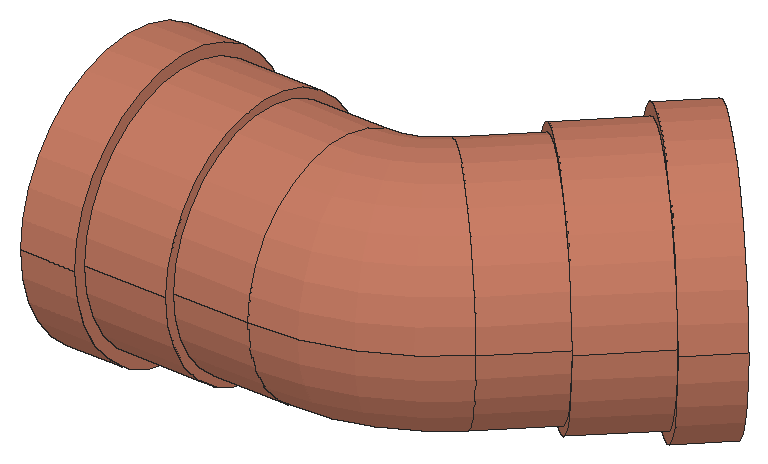
Revit family "Elbow-FxF-B-PressXL-Water-Gas-Conex-65-100mm", category Pipe Fittings, Revit 2019
Family settings
  Round Connector Dimension = Use Diameter
  Part Type = Elbow
  OmniClass Number = 23.60.30.11.14
  OmniClass Title = Pipework Fittings
  Work Plane-Based = No
  Always vertical = Yes
  Cut with Voids When Loaded = No
  Shared = No
Parameters (values of type "Water")
  Z [instance] = size_lookup(Lookup Table Name, "Z", NominalDiameter, NominalDiameter, Angle)  # 57 mm
  WorkingFluidSelector = 2
  WorkingFluid [instance] = if(WorkingFluidSelector = 1, "Gas", if(WorkingFluidSelector = 2, "Water", "WorkingFluid NA"))  # "Water"
  Uniformat IIElements = "TBC"
  URL = "http://www.conexbanninger.com.au/products/b-press-fittings#t=b-press-xl"
  Type Comments = "TBC"
  TickSize [instance] = NominalDiameter  # 100 mm
  SerialNumber [instance] = ""
  SealRingLength [instance] = SocketDepth * 0.4  # 24.4 mm
  SealRingDiameter [instance] = NominalDiameter * 1.2  # 120 mm
  ProductCode [instance] = if(and(NominalDiameter = 65 mm, WorkingFluidSelector = 1, Angle = 90.00°), "404870", if(and(NominalDiameter = 80 mm, WorkingFluidSelector = 1, Angle = 90.00°), "404871", if(and(NominalDiameter = 100 mm, WorkingFluidSelector = 1, Angle = 90.00°), "404872", if(and(NominalDiameter = 65 mm, WorkingFluidSelector = 2, Angle = 90.00°), "404796", if(and(NominalDiameter = 80 mm, WorkingFluidSelector = 2, Angle = 90.00°), "404797", if(and(NominalDiameter = 100 mm, WorkingFluidSelector = 2, Angle = 90.00°), "404798", if(and(NominalDiameter = 65 mm, WorkingFluidSelector = 1, Angle = 45.00°), "404914", if(and(NominalDiameter = 80 mm, WorkingFluidSelector = 1, Angle = 45.00°), "404915", if(and(NominalDiameter = 100 mm, WorkingFluidSelector = 1, Angle = 45.00°), "404916", if(and(NominalDiameter = 65 mm, WorkingFluidSelector = 2, Angle = 45.00°), "404838", if(and(NominalDiameter = 80 mm, WorkingFluidSelector = 2, Angle = 45.00°), "404839", if(and(NominalDiameter = 100 mm, WorkingFluidSelector = 2, Angle = 45.00°), "404840", "ProductCode NA"))))))))))))  # "404840"
  OmniclassProducts = "TBC"
  NominalRadius [instance] = NominalDiameter / 2  # 50 mm
  NominalDiameter [instance] = 100 mm
  NATSPECWorkSection = "TBC"
  ModifiedIssue_ANZRS = 20161221.54  # constant formula
  Model Version = "2015"
  Model Status [instance] = ""
  Model Specification = "BMA"
  Model = "Elbow - FxF 45° & 90°"  # constant formula
  Material = Copper
  Mark [instance] = ""
  Manufacturer = "Conex | Bänninger"  # constant formula
  Loss Method = K Coefficient from Table
  Lookup Table Name = "Elbow-FxF-B-PressXL-Water-Gas-Conex-65-100mm"
  SocketDepth [instance] = L - Z  # 61 mm
  L [instance] = size_lookup(Lookup Table Name, "L", 1.5 * NominalDiameter, NominalDiameter, Angle)  # 118 mm
  K Coefficient Table = "Regular 45, 90 and 180 Elbow"
  built-in parameter 1114238 [instance] = not(0 mm < size_lookup(Lookup Table Name, "L", 0 mm, NominalDiameter, Angle))  # (empty or 0)
  FittingOutsideRadius [instance] = FittingOutsideDiameter / 2  # 55 mm
  FittingOutsideDiameter [instance] = NominalDiameter * 1.1  # 110 mm
  FittingAngle [instance] = Angle  # 45.00°
  FinalHHWFlow [instance] = 0.0 L/s
  ElbowDiameter [instance] = NominalDiameter * 1.025  # 102.5 mm
  Description = ">B< Press XL has only two internal parts, the grip ring and the seal. Both parts have an internal diameter larger than the tube, which allows for easy tube insertion and pre press leak indication."  # constant formula
  CustomFitting [instance] = not(0 mm < size_lookup(Lookup Table Name, "L", 0 mm, NominalDiameter, Angle))  # no
  CreatedByURL_ANZRS = "http://www.bimmepaus.com.au/"
  CreatedBy = "A2K Technologies"  # constant formula
  ConnectorTolerance = 2.00°
  ConnectorAngle [instance] = 45.00°
  CenterRadius [instance] = Z  # 57 mm
  CenterEnd [instance] = CenterRadius * tan(FittingAngle / 2)  # 23.61 mm
  Assembly Code = "D2090800"
  Angle [instance] = if(and(ConnectorAngle < 45.00° + ConnectorTolerance, ConnectorAngle > 45.00° - ConnectorTolerance), 45.00°, if(and(ConnectorAngle < 90.00° + ConnectorTolerance, ConnectorAngle > 90.00° - ConnectorTolerance), 90.00°, if(and(ConnectorAngle < 5.00° + ConnectorTolerance, ConnectorAngle > 5.00° - ConnectorTolerance), 5.00°, if(and(ConnectorAngle < 15.00° + ConnectorTolerance, ConnectorAngle > 15.00° - ConnectorTolerance), 15.00°, if(and(ConnectorAngle < 30.00° + ConnectorTolerance, ConnectorAngle > 30.00° - ConnectorTolerance), 30.00°, if(and(ConnectorAngle < 60.00° + ConnectorTolerance, ConnectorAngle > 60.00° - ConnectorTolerance), 60.00°, ConnectorAngle))))))  # 45.00°
  2DLineLength [instance] = L - SocketDepth  # 57 mm
Types (2, lengths in mm): name | WorkingFluidSelector | WorkingFluid | ProductCode
  Gas | 1 | "Gas" | "404916"
  Water | 2 | "Water" | "404840"
Reference planes
  plane 1 "Center (Front/Back)": y = 0
  plane 2: z = 0
  plane 3 "Center (Left/Right)": x = 0
  plane 4: x = -118
  plane 5: x = -57
Forms (mm)
  Sweep 1, solid, material "Copper" <- "Material", detail levels fine
    path origin (0, 0, 0) x (1, 0, 0) y (0, 1, 0)
      loop
        line (83.439, 83.439) -> (40.305, 40.305)
    profile origin (61.872, 61.872, 0) x (0.707107, -0.707107, 0) y (0, 0, 1)
      loop
        circle (0, 0) r 55
  Extrusion 2, solid, material "Copper" <- "Material", detail levels fine
    sketch origin (0, 0, 0) x (0, 1, 0) y (0, 0, 1)
      loop
        circle (0, 0) r 55
    from -118 to -57
  Sweep 3, solid, material "Copper" <- "Material", detail levels fine
    path origin (0, 0, 0) x (1, 0, 0) y (0, 1, 0)
      loop
        line (83.439, 83.439) -> (16.695, 16.695)
        arc (16.695, 16.695) -> (-1.797, 4.339) -> (-23.61, 0) r 57
        line (-23.61, 0) -> (-118, 0)
    profile origin (-1.797, 4.339, 0) x (0.382683, -0.92388, 0) y (0, 0, 1)
      loop
        circle (0, 0) r 51.25
  Sweep 4, solid, material "Copper" <- "Material", detail levels fine
    path origin (0, 0, 0) x (1, 0, 0) y (0, 1, 0)
      loop
        line (66.185, 66.185) -> (83.439, 83.439)
    profile origin (74.812, 74.812, 0) x (-0.707107, 0.707107, 0) y (0, 0, 1)
      loop
        circle (0, 0) r 60
  Sweep 5, solid, material "Copper" <- "Material", detail levels fine
    path origin (0, 0, 0) x (1, 0, 0) y (0, 1, 0)
      loop
        line (-118, 0) -> (-93.6, 0)
    profile origin (-105.8, 0, 0) x (0, 1, 0) y (0, 0, 1)
      loop
        circle (0, 0) r 60
Cuts and joins
  joined: Sweep 1, Extrusion 2, Sweep 3, Sweep 4, Sweep 5
Lines and regions (mm)
  model lines, detail levels coarse+medium
    curve 1: line (-57, 0, 0) -> (0, 0, 0)
    curve 2: line (-118, 50, 0) -> (-57, 50, 0)
    curve 3: line (-118, -50, 0) -> (-57, -50, 0)
    curve 4: line (-57, 50, 0) -> (-57, -50, 0)
    curve 5: line (0, 0, 0) -> (40.305, 40.305, 0)
    curve 6: line (4.95, 75.66, 0) -> (75.66, 4.95, 0)
    curve 7: line (75.66, 4.95, 0) -> (118.794, 48.083, 0)
    curve 8: line (4.95, 75.66, 0) -> (48.083, 118.794, 0)
Dimensions and locks
  "L": plane 4 to plane 3 "Center (Left/Right)"
  locked: profile plane to Sweep 1 sketch curve at 0
  locked: profile plane to Sweep 1 sketch curve
  locked: plane 1 "Center (Front/Back)" to Extrusion 2 sketch curve
  locked: plane 2 to Extrusion 2 sketch curve
  "SocketDepth": plane 4 to plane 5
  equal spacing: curve 3, plane 1 "Center (Front/Back)", curve 2
  "TickSize": curve 3 to curve 2
  "SocketDepth": Sweep 1 sketch curve to Sweep 1 sketch curve
  "CenterEnd": Sweep 3 sketch curve to plane 3 "Center (Left/Right)"
  "CenterRadius": plane 1 "Center (Front/Back)" to Sweep 3 sketch curve
  locked: plane 3 "Center (Left/Right)" to Sweep 3 sketch curve at 0
  plane 3 "Center (Left/Right)" to Sweep 3 sketch curve = 118 mm
  "L": curve 1 to Sweep 3 sketch curve
  locked: plane 3 "Center (Left/Right)" to Sweep 1 sketch curve
  "L": plane 3 "Center (Left/Right)" to Sweep 1 sketch curve
  "2DLineLength": curve 1 to curve 6
  locked: curve 1 to curve 5
  equal spacing: curve 7, curve 5, curve 8
  "SocketDepth": curve 8 to curve 8
  "SocketDepth": curve 7 to curve 7
  "TickSize": curve 7 to curve 8
  locked: Sweep 4 sketch curve to curve 1 at 0
  "L": curve 5 to Sweep 4 sketch curve
  "SealRingLength": Sweep 4 sketch curve to Sweep 4 sketch curve
  "SealRingLength": plane 4 to Sweep 5 sketch curve
  "FittingOutsideRadius": radius of Sweep 1 sketch curve
  "FittingOutsideRadius": radius of Extrusion 2 sketch curve
  "CenterRadius": radius of Sweep 3 sketch curve
  "ElbowDiameter": diameter of Sweep 3 sketch curve
  "SealRingDiameter": diameter of Sweep 4 sketch curve
  "SealRingDiameter": diameter of Sweep 5 sketch curve
  "ConnectorAngle": angle plane 1 "Center (Front/Back)" to Sweep 1 sketch curve
  "ConnectorAngle": angle Sweep 3 sketch curve to Sweep 3 sketch curve
  "ConnectorAngle": angle plane 1 "Center (Front/Back)" to Sweep 3 sketch curve
  "ConnectorAngle": angle plane 1 "Center (Front/Back)" to curve 5
  locked: curve 5 to curve 6 (angle 90.00°)
  "ConnectorAngle": angle plane 1 "Center (Front/Back)" to curve 7
  "ConnectorAngle": angle plane 1 "Center (Front/Back)" to curve 8
  "ConnectorAngle": angle plane 1 "Center (Front/Back)" to Sweep 4 sketch curve
  aligned and locked: level to plane 2
  aligned and locked: plane 1 "Center (Front/Back)" to curve 1
  aligned and locked: Extrusion 2 to plane 4
  aligned and locked: plane 5 to curve 1
  aligned and locked: plane 4 to curve 2
  aligned and locked: plane 4 to curve 3
  aligned and locked: curve 2 to curve 4
  aligned and locked: curve 3 to curve 4
  aligned and locked: curve 4 to plane 5
  aligned and locked: plane 5 to Extrusion 2
  aligned and locked: level to Sweep 3 sketch curve
  aligned and locked: plane 4 to Sweep 3 sketch curve
  aligned and locked: curve 5 to Sweep 4 sketch curve
  aligned and locked: level to Sweep 4 sketch curve
  aligned and locked: plane 4 to Sweep 5 sketch curve
  aligned and locked: plane 1 "Center (Front/Back)" to Sweep 5 sketch curve  (x2)
  aligned and locked: level to Sweep 5 sketch curve
Automatic sketch dimensions
  curve 1 to plane 3 "Center (Left/Right)" = 0 mm
  Sweep 3 sketch curve to profile plane = 0 mm
Connectors
  piping at (-57, 0, 0), diameter 100, driven by "NominalDiameter", driven by "ConnectorAngle"
    settings: on Extrusion 2, index 1, connector inside diameter 609.6 mm, connector length 0 mm, flow factor 0, pipe flow 0.0 L/s, pressure drop 0.0 Pa, fitting loss kfactor 0, connector angle 45.00°, fixture units 0, engagement length 0 mm, angle of deflection 0.00°, flow configuration 0, flow direction 0, fitting loss method 0, system type 28, joint type 0, gender type 0, connector reference index 2, connector utility 0, adjustable connector yes, is connector primary yes, connector description ""
  piping at (40.305, 40.305, 0), diameter 100, driven by "NominalDiameter", driven by "ConnectorAngle"
    settings: on Sweep 1, index 2, connector inside diameter 609.6 mm, connector length 0 mm, flow factor 0, pipe flow 0.0 L/s, pressure drop 0.0 Pa, fitting loss kfactor 0, connector angle 45.00°, fixture units 0, engagement length 0 mm, angle of deflection 0.00°, flow configuration 0, flow direction 0, fitting loss method 0, system type 28, joint type 0, gender type 0, connector reference index 1, connector utility 0, adjustable connector yes, is connector primary no, connector description ""
